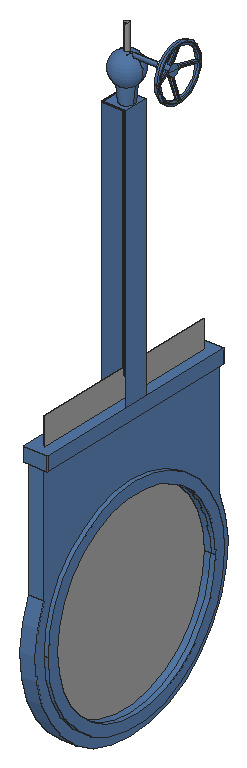
Revit family "Поли-Групп_ЗадвижкаШибернаяEAZ-ZT_DN1200", category Арматура трубопроводов, Revit 2019
Family settings
  Размер круглого соединителя = Использовать диаметр
  Тип детали = Клапан - Вставляется
  На основе рабочей плоскости = Нет
  Всегда вертикально = Нет
  При загрузке вырезать с полостями = Нет
  Общий = Нет
Parameters (values of type "DN1200 PN2")
  Штурвал_Высота = Шток_Диаметр * 4  # 120 mm
  Тип присоединения = "Межфланцевое"  # constant formula
  Тип привода = "Штурвал"  # constant formula
  Температура рабочей среды = "0 до +70°С"  # constant formula
  ТВ = "Поли-Групп_ЗадвижкаШибернаяEAZ-ZT_DN1200"  # constant formula
  Срок службы = "50 лет"  # constant formula
  Стойка_Высота = H - H2 - 100 mm  # 1608.75 mm
  Шток_Диаметр = L * 0.2  # 30 mm
  Шток_Смещение = O1 / 4  # 37.5 mm
  Разработчик = "https://3dbim.pro/"
  Рабочая среда = "Техническая вода, канализационные стоки, морская вода"  # constant formula
  Покрытие = "Высококачественное эпоксидное покрытие толщиной 300 мкм"  # constant formula
  Подшипник_d = size_lookup(ТВ, "Tr", 20 mm, DN) * 2  # 40 mm
  Назначение = "Для установки в качестве запорного устройства на трубопроводах"  # constant formula
  Материал Рамы = Сталь синий
  Материал Ножа = Сталь нержавеющая
  Материал уплотнителя = "NBR"  # constant formula
  Материал Диска = "Нержавеющая сталь марки 08Х18Н10"  # constant formula
  Крутящий момент = size_lookup(ТВ, "Крутящий момент", 0, DN, PN)  # 0
  Коробка передач_Диаметр = Шток_Диаметр * 3.5  # 105 mm
  Класс герметичности = "А по ГОСТ Р 9544-2015"  # constant formula
  Габаритные размеры = size_lookup(ТВ, "Габаритные размеры", "нет данных", DN, PN)  # "150х1455х3857.5"
  O2 = H3 - 200 mm  # 527.5 mm
  H1 = size_lookup(ТВ, "H1", 3130 mm, DN, PN)  # 3130 mm
  DO = size_lookup(ТВ, "DO", 500 mm, DN, PN)  # 330 mm
  PN = 2.0 bar
  O1 = L  # 150 mm
  Стойка_t = H * 0.03  # 84 mm
  Стойка_Длина = O1  # 150 mm
  Стойка_Толщина = 3 mm  # constant formula
  r = 10 mm  # constant formula
  Ступор_Ширина = L * 0.2  # 30 mm
  Ступор_Высота = L * 0.2  # 30 mm
  Нож_Толщина = 8 mm  # constant formula
  Нож_Выступ = Стойка_Высота * 0.1  # 160.875 mm
  Kv = size_lookup(ТВ, "Kv", 1.00 m³/h, DN, PN)  # 1.00 m³/h
  D2 = size_lookup(ТВ, "D2", 1328 mm, DN, PN)  # 1328 mm
  D1 = size_lookup(ТВ, "D1", 1380 mm, DN, PN)  # 1380 mm
  D = size_lookup(ТВ, "D", 1455 mm, DN, PN)  # 1455 mm
  d = size_lookup(ТВ, "d", 24 mm, DN, PN)  # 36 mm
  L1 = L * 0.6  # 90 mm
  L = size_lookup(ТВ, "L", 150 mm, DN, PN)  # 150 mm
  H2 = H3 * 1.5  # 1091.25 mm
  H = size_lookup(ТВ, "H", 3130 mm, DN, PN)  # 2800 mm
  H3 = D * 0.5  # 727.5 mm
  DN = 1200 mm
  ADSK_Расход жидкости [instance] = 0.00 m³/h
  ADSK_Примечание = ""
  ADSK_Потеря давления жидкости [instance] = (ADSK_Расход жидкости / Kv) ^ 2 * 1.0 bar  # 0.0 bar
  ADSK_Позиция = ""
  ADSK_Обозначение = ""
  ADSK_Наименование краткое = size_lookup(ТВ, "ADSK_Наименование краткое", "нет данных", DN, PN)  # "Задвижка шиберно-ножевая EAZ ZT DN1200 PN2"
  ADSK_Наименование = size_lookup(ТВ, "ADSK_Наименование", "нет данных", DN, PN)  # "Задвижка шиберно-ножевая EAZ ZT DN1200 PN2 для воды и сточных вод межфланцевая"
  ADSK_Материал наименование = "Высокопрочный чугун с шаровидным графитом (GGG-40) "  # constant formula
  ADSK_Материал = Чугун GG25
  ADSK_Масса_Текст = size_lookup(ТВ, "ADSK_Масса_Текст", "нет данных", DN, PN)  # "нет данных"
  ADSK_Масса = size_lookup(ТВ, "ADSK_Масса", 0, DN, PN)  # 0
  ADSK_Марка = size_lookup(ТВ, "ADSK_Код изделия", "нет данных", DN, PN)  # "EAZ-KV-1 DN1200 PN2"
  ADSK_Код изделия = ""
  ADSK_Завод-изготовитель = "ООО ПК «Поли-Групп»"  # constant formula
  ADSK_Единица измерения = "шт"  # constant formula
  ADSK_Версия Revit = "2019"  # constant formula
  ADSK_URL страницы изделия = "https://www.polycorr.ru/"
Reference planes
  plane 1 "По центру (Вперед/Назад)": y = 0
  plane 2: z = 0
  plane 3 "По центру (Влево/Вправо)": x = 0
  plane 4 "Фланец соединительный": z = 2800
  plane 5: z = -727.5
  plane 6: x = 75
  plane 7: x = -75
  plane 8: x = 45
  plane 9: x = -45
  plane 10: y = -52
  plane 11: y = 52
  plane 12 "Стойки h": z = 2700
  plane 13: z = 1091.25
  plane 14: z = 1252.125
  plane 15: y = 75
  plane 16: y = -75
  plane 17: x = -75
  plane 18: x = 75
  plane 19: z = 1007.25
  plane 20: y = 15
  plane 21: y = -15
  plane 22 "Шток": x = 18.75
  plane 23: x = -18.75
  plane 24: y = 75
  plane 25 "Строительная длина2": x = 75
  plane 26 "Строительная длина1": x = -75
  plane 27: y = -75
  plane 28 "Стойки t": z = 2697
  plane 29: x = 37.5
  plane 30: x = 4
  plane 31: x = -4
  plane 32: z = 1222.125
  plane 33: x = -72
  plane 34: x = 72
  plane 35: y = -664
  plane 36: y = 664
  plane 37: z = 3130
  plane 38 "Ось штурвала": z = 2965
  plane 39: x = -33.75
  plane 40: x = 71.25
  plane 41: x = -23.75
  plane 42: x = 61.25
  plane 43: z = 2882.5
  plane 44 "Штурвал": x = 218.75
  plane 45: y = -669
  plane 46: y = 669
Forms (mm)
  Extrusion 1, solid, material "Высокопрочный чугун GGG-40", detail levels fine
    sketch origin (-19, 190, 1091.25) x (0, -1, 0) y (1, 0, 0)
      loop
        line (854, 94) -> (-474, 94)
        arc (-474, 94) -> (-477.536, 92.536) -> (-479, 89) r 5
        line (-479, 89) -> (-479, -49.985)
        arc (-479, -49.985) -> (-477.238, -54.238) -> (-472.985, -56) r 6.015
        line (-472.985, -56) -> (854, -56)
        arc (854, -56) -> (857.536, -54.536) -> (859, -51) r 5
        line (859, -51) -> (859, 89)
        arc (859, 89) -> (857.536, 92.536) -> (854, 94) r 5
    from -84 to 0
  Extrusion 2, solid, material "Сталь нержавеющая" <- "Материал Ножа", detail levels fine
    sketch origin (0, 0, 0) x (0, 1, 0) y (0, 0, 1)
      loop
        line (-600, 1252.125) -> (-600, 0)
        arc (-600, 0) -> (0, -600) -> (600, 0) r 600
        line (600, 0) -> (600, 1252.125) -> (-600, 1252.125)
    from -4 to 4
  Extrusion 3, solid, material "Сталь нержавеющая" <- "Материал Ножа", detail levels fine
    sketch origin (0, -37.071, 1091.25) x (0, 1, 0) y (-1, 0, 0)
      loop
        circle (37.071, -18.75) r 15
    from 130.875 to 2038.75
  Extrusion 4, solid, material "Сталь синий" <- "Материал Рамы", detail levels fine
    sketch origin (0, 51.594, 2697) x (0, 1, 0) y (-1, 0, 0)
      loop
        line (23.406, 75) -> (-126.594, 75) -> (-126.594, -75) -> (23.406, -75) -> (23.406, 75)
    from 0 to 3
  Extrusion 5, solid, material "Латунь", detail levels fine
    sketch origin (4, 216.444, 1200) x (0, 1, 0) y (0, 0, 1)
      loop
        line (-201.444, 22.125) -> (-201.444, 52.125) -> (-231.444, 52.125) -> (-231.444, 22.125) -> (-201.444, 22.125)
    from 0 to 33.5
  Extrusion 6, solid, material "Сталь синий" <- "Материал Рамы", detail levels fine
    sketch origin (0, 0, 0) x (1, 0, 0) y (0, 0, 1)
      loop
        line (-75, 2697) -> (-75, 1091.25) -> (-72, 1091.25) -> (-72, 2697) -> (-75, 2697)
      loop
        line (75, 1091.25) -> (75, 2697) -> (72, 2697) -> (72, 1091.25) -> (75, 1091.25)
    from -75 to 75
  Extrusion 7, solid, material "Высокопрочный чугун GGG-40", detail levels fine
    sketch origin (0, 0, 0) x (0, 1, 0) y (0, 0, 1)
      loop
        line (-664, 1091.25) -> (-664, 296.255)
        arc (-664, 296.255) -> (0, -728.5) -> (664, 296.255) r 727.5
        line (664, 296.255) -> (664, 1091.25) -> (-664, 1091.25)
      loop
        circle (0, -1) r 600
    from -45 to 45
  Extrusion 8, solid, material "Высокопрочный чугун GGG-40", detail levels fine
    sketch origin (0, 0, 0) x (0, 1, 0) y (0, 0, 1)
      loop
        circle (0, -1) r 600
      loop
        circle (0, -1) r 664
    from -75 to 75
  Revolve 9, solid, material "Чугун GG25" <- "ADSK_Материал", detail levels fine
    sketch origin (0, 0, 0) x (1, 0, 0) y (0, 0, 1)
      loop
        line (18.75, 2700) -> (18.75, 2978.666)
        arc (18.75, 2978.666) -> (-72.208, 2911.082) -> (-33.75, 2804.49) r 95
        line (-33.75, 2804.49) -> (-23.75, 2700) -> (18.75, 2700)
      axis (18.75, 2978.666) -> (18.75, 2700)
    angle from 0 to 360
  Revolve 10, solid, material "Чугун GG25" <- "ADSK_Материал", detail levels fine
    sketch origin (0, 0, 0) x (1, 0, 0) y (0, 0, 1)
      loop
        line (18.75, 2965) -> (18.75, 2953) -> (218.75, 2953) -> (218.75, 2965) -> (18.75, 2965)
      axis (18.75, 2965) -> (218.75, 2965)
    angle from 0 to 360
Cuts and joins
  joined: Extrusion 4, Extrusion 6
  joined: Extrusion 1, Extrusion 7, Extrusion 8
Dimensions and locks
  "H": plane 4 "Фланец соединительный" to level
  "H3": level to plane 5
  equal spacing: plane 7, plane 3 "По центру (Влево/Вправо)", plane 6
  "L": plane 7 to plane 6
  equal spacing: plane 9, plane 3 "По центру (Влево/Вправо)", plane 8
  "L1": plane 9 to plane 8
  plane 3 "По центру (Влево/Вправо)" to plane 6 = 75 mm
  "H2": plane 13 to level
  "Нож_Выступ": plane 14 to plane 13
  equal spacing: plane 16, plane 1 "По центру (Вперед/Назад)", plane 15
  "Стойка_Длина": plane 16 to plane 15
  equal spacing: plane 17, plane 3 "По центру (Влево/Вправо)", plane 18
  "O1": plane 17 to plane 18
  "Стойка_t": plane 13 to plane 19
  "Стойка_Высота": plane 12 "Стойки h" to plane 13
  equal spacing: plane 21, plane 1 "По центру (Вперед/Назад)", plane 20
  equal spacing: plane 23, plane 3 "По центру (Влево/Вправо)", plane 22 "Шток"
  "Шток_Смещение": plane 23 to plane 22 "Шток"
  equal spacing: plane 24, plane 1 "По центру (Вперед/Назад)", plane 27
  "O1": plane 24 to plane 27
  equal spacing: plane 26 "Строительная длина1", plane 3 "По центру (Влево/Вправо)", plane 25 "Строительная длина2"
  "O1": plane 26 "Строительная длина1" to plane 25 "Строительная длина2"
  "Стойка_Толщина": plane 12 "Стойки h" to plane 28 "Стойки t"
  equal spacing: plane 3 "По центру (Влево/Вправо)", plane 29, plane 18
  equal spacing: plane 31, plane 3 "По центру (Влево/Вправо)", plane 30
  "Нож_Толщина": plane 31 to plane 30
  "Ступор_Высота": plane 14 to plane 32
  equal spacing: Extrusion 5 sketch curve, plane 1 "По центру (Вперед/Назад)", Extrusion 5 sketch curve
  "Ступор_Ширина": Extrusion 5 sketch curve to Extrusion 5 sketch curve
  "Стойка_Толщина": plane 33 to plane 26 "Строительная длина1"
  "Стойка_Толщина": plane 25 "Строительная длина2" to plane 34
  equal spacing: plane 35, plane 1 "По центру (Вперед/Назад)", plane 36
  "D2": plane 35 to plane 36
  "H1": level to plane 37
  equal spacing: plane 4 "Фланец соединительный", plane 38 "Ось штурвала", plane 37
  equal spacing: plane 40, plane 22 "Шток", plane 39
  "Коробка передач_Диаметр": plane 40 to plane 39
  locked: plane 41 to plane 39 at 10
  locked: plane 40 to plane 42 at 10
  equal spacing: plane 38 "Ось штурвала", plane 43, plane 4 "Фланец соединительный"
  Revolve 10 sketch curve to Revolve 10 sketch curve = 12 mm
  locked: plane 44 "Штурвал" to plane 22 "Шток" at 200
  locked: plane 35 to plane 45 at 5
  locked: plane 46 to plane 36 at 5
  "DN": diameter of Extrusion 2 sketch curve
  "Шток_Диаметр": diameter of Extrusion 3 sketch curve
  "D2": diameter of Extrusion 8 sketch curve
  "DN": diameter of Extrusion 8 sketch curve
  "D": diameter of Extrusion 7 sketch curve
  "DN": diameter of Extrusion 7 sketch curve
  radius of Extrusion 1 sketch curve = 6.015 mm
  radius of Extrusion 1 sketch curve = 5 mm  (x3)
  radius of Revolve 9 sketch curve = 95 mm
  aligned and locked: level to plane 2
  aligned and locked: plane 14 to Extrusion 2 sketch curve
  aligned and locked: Extrusion 4 sketch curve to plane 24
  aligned and locked: Extrusion 4 sketch curve to plane 26 "Строительная длина1"
  aligned and locked: Extrusion 4 sketch curve to plane 27
  aligned and locked: Extrusion 4 sketch curve to plane 25 "Строительная длина2"
  aligned and locked: plane 12 "Стойки h" to Extrusion 4
  aligned and locked: level to Extrusion 2 sketch curve
  aligned and locked: plane 1 "По центру (Вперед/Назад)" to Extrusion 2 sketch curve
  aligned and locked: Extrusion 2 to plane 30
  aligned and locked: Extrusion 2 to plane 31
  aligned and locked: plane 32 to Extrusion 5 sketch curve
  aligned and locked: Extrusion 5 to plane 29
  aligned and locked: Extrusion 6 sketch curve to Extrusion 4
  aligned and locked: Extrusion 6 sketch curve to plane 28 "Стойки t"
  aligned and locked: plane 34 to Extrusion 6 sketch curve
  aligned and locked: Extrusion 6 sketch curve to plane 33
  aligned and locked: Extrusion 6 to plane 24
  aligned and locked: Extrusion 6 to plane 27
  aligned and locked: Extrusion 1 sketch curve to plane 26 "Строительная длина1"
  aligned and locked: Extrusion 1 sketch curve to plane 18
  aligned and locked: Extrusion 3 to plane 32
  aligned and locked: plane 3 "По центру (Влево/Вправо)" to nested 1
  aligned and locked: plane 1 "По центру (Вперед/Назад)" to nested 1
  aligned and locked: nested 2 to level
  aligned and locked: plane 3 "По центру (Влево/Вправо)" to nested 2
  aligned and locked: nested 1 to level
  aligned and locked: Extrusion 7 sketch curve to plane 35
  aligned and locked: Extrusion 7 sketch curve to plane 13
  aligned and locked: plane 36 to Extrusion 7 sketch curve
  aligned and locked: Extrusion 7 to plane 9
  aligned and locked: Extrusion 7 to plane 8
  aligned and locked: Extrusion 8 to plane 7
  aligned and locked: Extrusion 8 to plane 6
  aligned and locked: Extrusion 1 to plane 19
  aligned and locked: Extrusion 3 to plane 37
  aligned and locked: Revolve 9 sketch curve to plane 22 "Шток"
  aligned and locked: Revolve 9 sketch curve to Revolve 9 sketch curve
  aligned and locked: plane 41 to Revolve 9 sketch curve
  aligned and locked: plane 12 "Стойки h" to Revolve 9 sketch curve
  aligned and locked: nested 3 to plane 38 "Ось штурвала"
  aligned and locked: plane 1 "По центру (Вперед/Назад)" to nested 3
  aligned and locked: nested 3 to plane 44 "Штурвал"
  aligned and locked: Revolve 10 sketch curve to plane 38 "Ось штурвала"  (x2)
  aligned and locked: plane 22 "Шток" to Revolve 10 sketch curve  (x2)
  aligned and locked: plane 44 "Штурвал" to Revolve 10 sketch curve  (x2)
  aligned and locked: Extrusion 1 to plane 45
  aligned and locked: plane 46 to cut or joined group of Extrusion 1, Extrusion 7, Extrusion 8
Automatic sketch dimensions
  Extrusion 6 sketch curve to plane 13 = 0 mm  (x2)
  Extrusion 6 sketch curve to plane 28 "Стойки t" = 0 mm
  Extrusion 6 sketch curve to plane 6 = 0 mm
  plane 36 to Extrusion 1 sketch curve = 5 mm
  Extrusion 1 sketch curve to plane 35 = 5 mm
  plane 43 to Revolve 9 sketch curve = 1.166 mm
  plane 39 to Revolve 9 sketch curve = 0 mm
  Revolve 9 sketch curve to plane 28 "Стойки t" = 52 mm
  Revolve 9 sketch curve to Revolve 9 sketch curve = 3.666 mm
  Revolve 10 sketch curve to plane 9 = 1.25 mm
  plane 44 "Штурвал" to Revolve 10 sketch curve = 168.907 mm
  plane 1 "По центру (Вперед/Назад)" to Extrusion 3 sketch curve = 0 mm
  Extrusion 3 sketch curve to plane 22 "Шток" = 0 mm
  Extrusion 5 sketch curve to plane 14 = 0 mm
  Extrusion 7 sketch curve to Extrusion 7 sketch curve = 0 mm  (x2)
  Extrusion 7 sketch curve to plane 35 = 0 mm
  Extrusion 7 sketch curve to plane 1 "По центру (Вперед/Назад)" = 0 mm
  level to Extrusion 7 sketch curve = 296.255 mm
  Extrusion 8 sketch curve to Extrusion 8 sketch curve = 0 mm  (x2)
  Extrusion 8 sketch curve to plane 1 "По центру (Вперед/Назад)" = 0 mm
  Extrusion 8 sketch curve to level = 1 mm
Nested families
  nested 1: "УГО_АТ_Задвижка" at (-0.685, 0, 0) x (1, 0, 0) z (0, -1, 0), type "УГО_АТ_Задвижка", detail levels coarse+medium
    with УГО_Длина 150 mm, b 43.301 mm
  nested 2: "УГО_ЭУ_Задвижка" at (0, 0, 0) x (1, 0, 0) z (0, -1, 0), type "УГО_ЭУ_Задвижка", detail levels coarse+medium
    with УГО_Длина 150 mm, b 43.301 mm
  nested 3: "Вл_ШтурвалЗадвижкаШиберная" at (218.75, 0, 2965) x (0, 1, 0) z (1, 0, 0), type "Вл_ШтурвалЗадвижкаШиберная", detail levels fine
    with Штурвал_Осьd 310.2 mm, Штурвал_Высота 120 mm, Штурвал_КольцоШирина 19.8 mm, Держалка_Ширина/2 8.25 mm, Держалка_Ширина 16.5 mm, Держалка_d 280.5 mm, Держалка_Отступ 4.8 mm, Штурвал_ВнКольцоВысота 39.6 mm, Штурвал_ВнВысота 78 mm, DO 330 mm, Штурвал_Скруглений_r 6.534 mm, Штурвал_ВнКольцо_r 33 mm, Штурвал_Стойка_D 48 mm, D_Гайка 22 mm
Connectors
  piping at (75, 0, -1), diameter 1200, driven by "DN", driven by "ADSK_Расход жидкости", driven by "ADSK_Потеря давления жидкости"
    settings: on cut or joined group of Extrusion 1, Extrusion 7, Extrusion 8, index 1, connector inside diameter 609.6 mm, connector length 0 mm, flow factor 0, pipe flow 0.00 m³/h, pressure drop 0.0 bar, fitting loss kfactor 0, connector angle 0.00°, fixture units 0, engagement length 0 mm, angle of deflection 0.00°, flow configuration 0, flow direction 0, fitting loss method 4, system type 29, joint type 0, gender type 0, connector reference index 2, connector utility 0, adjustable connector no, is connector primary no, connector description ""
  piping at (-75, 0, -1), diameter 1200, driven by "DN", driven by "ADSK_Расход жидкости"
    settings: on cut or joined group of Extrusion 1, Extrusion 7, Extrusion 8, index 2, connector inside diameter 609.6 mm, connector length 0 mm, flow factor 0, pipe flow 0.00 m³/h, pressure drop 0.0 bar, fitting loss kfactor 0, connector angle 0.00°, fixture units 0, engagement length 0 mm, angle of deflection 0.00°, flow configuration 0, flow direction 0, fitting loss method 0, system type 29, joint type 0, gender type 0, connector reference index 1, connector utility 0, adjustable connector no, is connector primary yes, connector description ""
Definition of nested family "УГО_АТ_Задвижка"
  Parameters (values of type "УГО_АТ_Задвижка")
    УГО_Длина = 210 mm
    b = (УГО_Длина / 2) * tan(30.00°)  # 60.622 mm
  Reference planes
    plane 1 "По центру (Вперед/Назад)": y = 0
    plane 2: z = 0
    plane 3 "По центру (Влево/Вправо)": x = 0.685
    plane 4: z = 60.622
    plane 5: z = -60.622
    plane 6: x = -104.315
    plane 7: x = 105.685
  Forms (mm)
    Extrusion 1, solid
      sketch origin (0, 0, 0) x (1, 0, 0) y (0, 0, 1)
        loop
          line (0.685, 0) -> (-104.315, 60.622) -> (-104.315, -60.622) -> (0.685, 0)
      from -1 to 1
    Extrusion 2, solid
      sketch origin (0, 0, 0) x (-1, 0, 0) y (0, 0, -1)
        loop
          line (-0.685, 0) -> (-105.685, 60.622) -> (-105.685, -60.622) -> (-0.685, 0)
      from -1 to 1
  Lines and regions (mm)
    model lines
      curve 1: line (0.685, 0, 60.622) -> (0.685, 0, -60.622)
  Dimensions and locks
    equal spacing: plane 4, level, plane 5
    "b": plane 4 to level
    equal spacing: plane 7, plane 3 "По центру (Влево/Вправо)", plane 6
    "УГО_Длина": plane 7 to plane 6
    locked: plane 2 to Extrusion 2 sketch curve (angle 30.00°)
    locked: Extrusion 2 sketch curve to plane 2 (angle 30.00°)
    locked: Extrusion 1 sketch curve to plane 2 (angle 30.00°)
    locked: plane 2 to Extrusion 1 sketch curve (angle 30.00°)
    aligned and locked: level to plane 2
    aligned and locked: curve 1 to plane 3 "По центру (Влево/Вправо)"
    aligned and locked: plane 4 to curve 1
    aligned and locked: plane 5 to curve 1
    aligned and locked: Extrusion 1 sketch curve to plane 6
    aligned and locked: Extrusion 2 sketch curve to plane 7
  Automatic sketch dimensions
    Extrusion 1 sketch curve to level = 0 mm
    Extrusion 1 sketch curve to plane 3 "По центру (Влево/Вправо)" = 0 mm
    Extrusion 2 sketch curve to level = 0 mm
    Extrusion 2 sketch curve to plane 3 "По центру (Влево/Вправо)" = 0 mm
Definition of nested family "Вл_ШтурвалЗадвижкаШиберная"
  Parameters (values of type "Вл_ШтурвалЗадвижкаШиберная")
    Штурвал_Осьd = DO - Штурвал_КольцоШирина  # 470 mm
    Штурвал_Высота = 125 mm
    Штурвал_КольцоШирина = DO * 0.06  # 30 mm
    Default Elevation = 1219.2 mm
    Держалка_Ширина/2 = Держалка_Ширина * 0.5  # 12.5 mm
    Держалка_Ширина = Штурвал_КольцоШирина / 1.2  # 25 mm
    Держалка_d = Штурвал_Осьd - Штурвал_КольцоШирина * 1.5  # 425 mm
    Держалка_Отступ = Штурвал_Стойка_D * 0.1  # 5 mm
    Материал_Штурвал = none
    Manufacturer = ""
    Штурвал_ВнКольцоВысота = Штурвал_ВнКольцо_r * 1.2  # 60 mm
    Штурвал_ВнВысота = Штурвал_Высота * 0.65  # 81.25 mm
    DO = 500 mm
    URL = ""
    Штурвал_Скруглений_r = Штурвал_КольцоШирина * 0.33  # 9.9 mm
    Штурвал_ВнКольцо_r = DO * 0.1  # 50 mm
    Штурвал_Стойка_D = Штурвал_Высота * 0.4  # 50 mm
    D_Гайка = Штурвал_ВнКольцо_r / 1.5  # 33.333 mm
  Reference planes
    plane 1 "По центру (Вперед/Назад)": y = 0
    plane 2: z = 0
    plane 3 "По центру (Влево/Вправо)": x = 0
    plane 4: x = 250
    plane 5: x = -250
    plane 6: y = 250
    plane 7: y = -250
    plane 8: z = 125
    plane 9: z = 95
    plane 10: x = 220
    plane 11: z = 103.75
    plane 12: z = 107.5
    plane 13: z = 43.75
    plane 14: x = 50
    plane 15: z = 48.75
  Forms (mm)
    Revolve 1, solid, material <- "Материал_Штурвал"
      sketch origin (0, 0, 0) x (1, 0, 0) y (0, 0, 1)
        loop
          arc (229.9, 125) -> (222.9, 122.1) -> (220, 115.1) r 9.9
          line (220, 115.1) -> (220, 95) -> (250, 95) -> (250, 115.1)
          arc (250, 115.1) -> (247.1, 122.1) -> (240.1, 125) r 9.9
          line (240.1, 125) -> (229.9, 125)
        axis (0, 125) -> (0, 95)
      angle from 0 to 360
    Revolve 2, solid, material <- "Материал_Штурвал"
      sketch origin (0, 0, 0) x (1, 0, 0) y (0, 0, 1)
        loop
          line (0, 103.75) -> (0, 43.75) -> (50, 43.75) -> (50, 103.75) -> (0, 103.75)
        axis (0, 103.75) -> (0, 43.75)
      angle from 0 to 360
    Extrusion 3, solid
      sketch origin (-128.236, -1524, 257.2) x (-1, 0, 0) y (0, -1, 0)
        loop
          circle (-128.236, -1524) r 25
      from -213.45 to -257.2
    Sweep 4, solid, material <- "Материал_Штурвал"
      path in 3D
        loop
          line (0, 7.5, 48.75) -> (0, 235, 95) -> (0, 244, 95)
      profile "Вл_ПрофильШтурвала : Вл_ПрофильШтурвала" origin (0, 239.5, 95) x (0, 0, 1) y (1, 0, 0)
        loop
          arc (25, 4.167) -> (22.559, 10.059) -> (16.667, 12.5) r 8.333
          line (16.667, 12.5) -> (0, 12.5) -> (0, -12.5) -> (16.667, -12.5)
          arc (16.667, -12.5) -> (22.559, -10.059) -> (25, -4.167) r 8.333
          line (25, -4.167) -> (25, 4.167)
    Sweep 5, solid, material <- "Материал_Штурвал"
      path in 3D
        loop
          line (-7.5, 0, 48.75) -> (-235, 0, 95) -> (-244, 0, 95)
      profile "Вл_ПрофильШтурвала : Вл_ПрофильШтурвала" origin (-239.5, 0, 95) x (0, 0, -1) y (0, -1, 0)
        loop
          arc (-25, -4.167) -> (-22.559, -10.059) -> (-16.667, -12.5) r 8.333
          line (-16.667, -12.5) -> (0, -12.5) -> (0, 12.5) -> (-16.667, 12.5)
          arc (-16.667, 12.5) -> (-22.559, 10.059) -> (-25, 4.167) r 8.333
          line (-25, 4.167) -> (-25, -4.167)
    Sweep 6, solid, material <- "Материал_Штурвал"
      path in 3D
        loop
          line (0, -7.5, 48.75) -> (0, -235, 95) -> (0, -244, 95)
      profile "Вл_ПрофильШтурвала : Вл_ПрофильШтурвала" origin (0, -239.5, 95) x (0, 0, -1) y (1, 0, 0)
        loop
          arc (-25, -4.167) -> (-22.559, -10.059) -> (-16.667, -12.5) r 8.333
          line (-16.667, -12.5) -> (0, -12.5) -> (0, 12.5) -> (-16.667, 12.5)
          arc (-16.667, 12.5) -> (-22.559, 10.059) -> (-25, 4.167) r 8.333
          line (-25, 4.167) -> (-25, -4.167)
    Sweep 7, solid, material <- "Материал_Штурвал"
      path in 3D
        loop
          line (7.5, 0, 48.75) -> (217, 0, 95) -> (244, 0, 95)
      profile "Вл_ПрофильШтурвала : Вл_ПрофильШтурвала" origin (230.5, 0, 95) x (0, 0, 1) y (0, -1, 0)
        loop
          arc (25, 4.167) -> (22.559, 10.059) -> (16.667, 12.5) r 8.333
          line (16.667, 12.5) -> (0, 12.5) -> (0, -12.5) -> (16.667, -12.5)
          arc (16.667, -12.5) -> (22.559, -10.059) -> (25, -4.167) r 8.333
          line (25, -4.167) -> (25, 4.167)
  Cuts and joins
    joined: Revolve 1, Revolve 2, Sweep 4, Sweep 5, Sweep 6, Sweep 7
  Lines and regions (mm)
    reference lines
      curve 1: circle (0, 0, 95) r 235 normal (0, 0, 1)
      curve 2: circle (0, 0, 48.75) r 25 normal (0, 0, 1)
      curve 3: circle (0, 0, 95) r 212.5 normal (0, 0, 1)
      curve 4: line (-7.5, 0, 48.75) -> (-235, 0, 95)
      curve 5: line (-235, 0, 95) -> (-244, 0, 95)
      curve 6: line (7.5, 0, 48.75) -> (217, 0, 95)
      curve 7: line (217, 0, 95) -> (244, 0, 95)
      curve 8: line (0, 7.5, 48.75) -> (0, 235, 95)
      curve 9: line (0, 235, 95) -> (0, 244, 95)
      curve 10: line (0, -7.5, 48.75) -> (0, -235, 95)
      curve 11: line (0, -235, 95) -> (0, -244, 95)
    sketch lines
      curve 12: line (0, 235, 95) -> (0, 244, 95)
      curve 13: line (0, 7.5, 48.75) -> (0, 235, 95)
      curve 14: line (-235, 0, 95) -> (-244, 0, 95)
      curve 15: line (-7.5, 0, 48.75) -> (-235, 0, 95)
      curve 16: line (0, -235, 95) -> (0, -244, 95)
      curve 17: line (0, -7.5, 48.75) -> (0, -235, 95)
      curve 18: line (217, 0, 95) -> (244, 0, 95)
      curve 19: line (7.5, 0, 48.75) -> (217, 0, 95)
  Dimensions and locks
    equal spacing: plane 6, plane 1 "По центру (Вперед/Назад)", plane 7
    "DO": plane 6 to plane 7
    equal spacing: plane 5, plane 3 "По центру (Влево/Вправо)", plane 4
    "DO": plane 5 to plane 4
    "Штурвал_КольцоШирина": plane 8 to plane 9
    "Штурвал_КольцоШирина": plane 4 to plane 10
    "Штурвал_ВнКольцоВысота": plane 11 to plane 13
    "Штурвал_ВнКольцо_r": plane 14 to plane 3 "По центру (Влево/Вправо)"
    "Держалка_Ширина/2": plane 12 to plane 9
    "Штурвал_ВнВысота": plane 8 to plane 13
    "Держалка_Отступ": plane 15 to plane 13
    "Штурвал_Высота": plane 8 to level
    "Штурвал_Стойка_D": diameter of Extrusion 3 sketch curve
    "Штурвал_Осьd": diameter of curve 1
    "Штурвал_ВнКольцо_r": diameter of curve 2
    "Штурвал_Скруглений_r": radius of Revolve 1 sketch curve  (x2)
    "Держалка_d": diameter of curve 3
    aligned and locked: level to plane 2
    aligned and locked: Revolve 1 sketch curve to plane 8
    aligned and locked: plane 10 to Revolve 1 sketch curve
    aligned and locked: plane 9 to Revolve 1 sketch curve
    aligned and locked: Revolve 1 sketch curve to plane 4
    aligned and locked: Revolve 1 sketch curve to plane 3 "По центру (Влево/Вправо)"
    aligned and locked: Revolve 2 sketch curve to plane 11
    aligned and locked: plane 3 "По центру (Влево/Вправо)" to Revolve 2 sketch curve
    aligned and locked: plane 13 to Revolve 2 sketch curve
    aligned and locked: Revolve 2 sketch curve to plane 14
    aligned and locked: Revolve 2 sketch curve to plane 3 "По центру (Влево/Вправо)"
    aligned and locked: curve 2 to curve 4
    aligned and locked: curve 4 to curve 3
    aligned and locked: curve 5 to curve 1
    aligned and locked: curve 2 to curve 6
    aligned and locked: curve 3 to curve 6
    aligned and locked: curve 1 to curve 7
    aligned and locked: curve 2 to curve 8
    aligned and locked: curve 3 to curve 8
    aligned and locked: curve 1 to curve 9
    aligned and locked: curve 2 to curve 10
    aligned and locked: curve 10 to curve 3
    aligned and locked: curve 11 to curve 1
    aligned and locked: Extrusion 3 to level
    aligned and locked: plane 13 to Extrusion 3
  Automatic sketch dimensions
    Revolve 2 sketch curve to plane 13 = 0 mm
    Revolve 2 sketch curve to Revolve 2 sketch curve = 70 mm
    plane 8 to Revolve 2 sketch curve = 40 mm
    plane 5 to curve 5 = 15 mm
    plane 5 to curve 5 = 6 mm
    curve 4 to plane 3 "По центру (Влево/Вправо)" = 7.5 mm
    plane 3 "По центру (Влево/Вправо)" to curve 6 = 7.5 mm
    curve 7 to plane 10 = 3 mm
    curve 7 to plane 4 = 6 mm
    curve 9 to plane 6 = 15 mm
    curve 8 to plane 1 "По центру (Вперед/Назад)" = 7.5 mm
    plane 1 "По центру (Вперед/Назад)" to curve 10 = 7.5 mm
    plane 7 to curve 11 = 15 mm
    plane 7 to curve 11 = 6 mm
    curve 9 to plane 6 = 6 mm
    plane 8 to Revolve 1 sketch curve = 4.2 mm
    Revolve 1 sketch curve to Revolve 1 sketch curve = 155.8 mm
    plane 1 "По центру (Вперед/Назад)" to Extrusion 3 sketch curve = 0 mm
    Extrusion 3 sketch curve to plane 3 "По центру (Влево/Вправо)" = 0 mm
    plane 1 "По центру (Вперед/Назад)" to curve 2 = 0 mm
    curve 2 to plane 3 "По центру (Влево/Вправо)" = 0 mm
    curve 1 to curve 3 = 0 mm  (x2)
    plane 1 "По центру (Вперед/Назад)" to curve 3 = 0 mm
    curve 3 to plane 3 "По центру (Влево/Вправо)" = 0 mm
Definition of nested family "УГО_ЭУ_Задвижка"
  Parameters (values of type "УГО_ЭУ_Задвижка")
    УГО_Длина = 60 mm
    b = (УГО_Длина / 2) * tan(30.00°)  # 17.321 mm
  Reference planes
    plane 1 "По центру (Вперед/Назад)": y = 0
    plane 2: z = 0
    plane 3 "По центру (Влево/Вправо)": x = 0
    plane 4: x = -30
    plane 5: x = 30
    plane 6: y = 17.321
    plane 7: y = -17.321
  Lines and regions (mm)
    Filled region 1, type "Сплошная заливка - Белый", in view "Опорный уровень"
      outline origin (0, 0, 0) x (1, 0, 0) y (0, 1, 0)
        loop
          line (0, 0) -> (-30, 17.321) -> (-30, -17.321) -> (0, 0)
    Filled region 2, type "Сплошная заливка - Белый", in view "Опорный уровень"
      outline origin (0, 0, 0) x (1, 0, 0) y (0, 1, 0)
        loop
          line (0, 0) -> (30, -17.321) -> (30, 17.321) -> (0, 0)
    detail lines, in view "Опорный уровень"
      curve 1: line (0, 0, 0) -> (-30, 17.321, 0)
      curve 2: line (0, 0, 0) -> (-30, -17.321, 0)
      curve 3: line (-30, -17.321, 0) -> (-30, 17.321, 0)
      curve 4: line (0, 0, 0) -> (30, 17.321, 0)
      curve 5: line (0, 0, 0) -> (30, -17.321, 0)
      curve 6: line (30, -17.321, 0) -> (30, 17.321, 0)
      curve 7: line (0, -17.321, 0) -> (0, 17.321, 0)
  Dimensions and locks
    equal spacing: plane 4, plane 3 "По центру (Влево/Вправо)", plane 5
    "УГО_Длина": plane 4 to plane 5
    equal spacing: plane 6, plane 1 "По центру (Вперед/Назад)", plane 7
    "b": plane 6 to plane 1 "По центру (Вперед/Назад)"
    locked: plane 1 "По центру (Вперед/Назад)" to curve 4 (angle 30.00°)
    locked: curve 1 to plane 1 "По центру (Вперед/Назад)" (angle 30.00°)
    locked: plane 1 "По центру (Вперед/Назад)" to curve 2 (angle 30.00°)
    locked: curve 5 to plane 1 "По центру (Вперед/Назад)" (angle 30.00°)
    aligned and locked: plane 4 to curve 3
    aligned and locked: curve 6 to plane 5
    aligned and locked: Filled region 1 sketch curve to curve 1
    aligned and locked: Filled region 1 sketch curve to curve 3
    aligned and locked: Filled region 1 sketch curve to curve 2
    aligned and locked: Filled region 2 sketch curve to curve 4
    aligned and locked: Filled region 2 sketch curve to curve 6
    aligned and locked: Filled region 2 sketch curve to curve 5
    aligned and locked: plane 3 "По центру (Влево/Вправо)" to curve 7
    aligned and locked: plane 6 to curve 7
    aligned and locked: plane 7 to curve 7
  Automatic sketch dimensions
    plane 1 "По центру (Вперед/Назад)" to curve 2 = 0 mm
    curve 2 to plane 3 "По центру (Влево/Вправо)" = 0 mm
